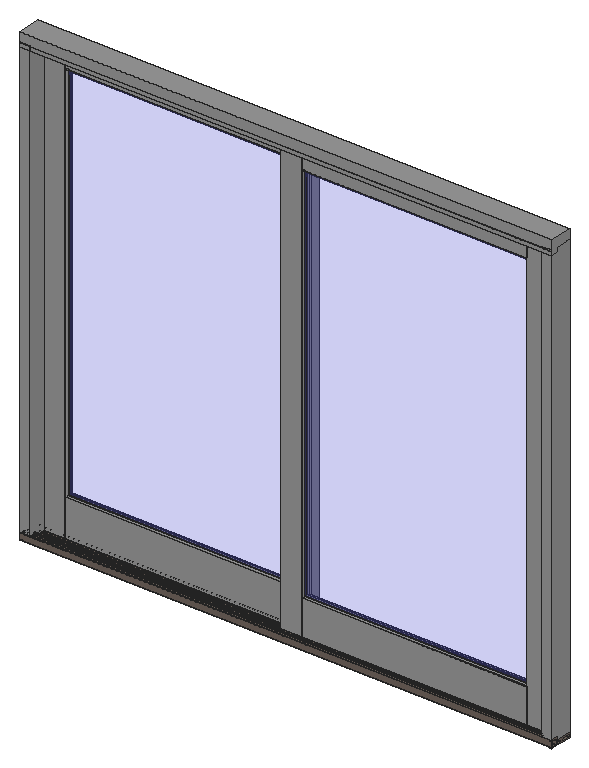
Revit family "VSDA2.4 LH", category Doors, host Wall, Revit 2015
Parameters (values of type "VSDA2.4 LH")
  Function = Interior
  Frame Projection Ext. = 25 mm
  Frame Projection Int. = 25 mm
  Frame Width = 75 mm
  Height = 2100 mm
  Wall Closure = By host
  Width = 2450 mm
Reference planes
  plane 1: y = 0
  plane 2 "Center (Left/Right)": x = 0
  plane 3 "Left": x = -1225
  plane 4 "Right": x = 1225
  plane 5: z = 2100
  plane 6 "Exterior": y = 75
  plane 7 "Interior": y = -75
Forms (mm)
  Extrusion 1, solid, material "Aluminium Cill (Bronze)"
    sketch origin (0, 79.18, -119.746) x (0, 1, 0) y (0, 0, -1)
      loop
        arc (-26.68, -120.746) -> (-26.972, -120.039) -> (-27.68, -119.746) r 1
        line (-27.68, -119.746) -> (-130.68, -119.746)
        arc (-130.68, -119.746) -> (-131.387, -120.039) -> (-131.68, -120.746) r 1
        line (-131.68, -120.746) -> (-131.68, -150.746)
        arc (-131.68, -150.746) -> (-131.387, -151.453) -> (-130.68, -151.746) r 1
        line (-130.68, -151.746) -> (-120.912, -151.746)
        arc (-120.912, -151.746) -> (-119.18, -150.746) -> (-117.447, -151.746) r 2
        line (-117.447, -151.746) -> (-112.912, -151.746)
        arc (-112.912, -151.746) -> (-111.18, -150.746) -> (-109.447, -151.746) r 2
        line (-109.447, -151.746) -> (-99.68, -151.746)
        arc (-99.68, -151.746) -> (-98.972, -151.453) -> (-98.68, -150.746) r 1
        line (-98.68, -150.746) -> (-98.68, -149.246)
        arc (-98.68, -149.246) -> (-99.18, -148.746) -> (-99.68, -149.246) r 0.5
        line (-99.68, -149.246) -> (-99.68, -150.246) -> (-100.88, -150.246) -> (-100.88, -142.734) -> (-99.68, -142.734) -> (-99.68, -143.746)
        arc (-99.68, -143.746) -> (-99.18, -144.246) -> (-98.68, -143.746) r 0.5
        line (-98.68, -143.746) -> (-98.68, -138.746) -> (-90.432, -138.746) -> (-82.18, -138.746) -> (-82.18, -135.246)
        arc (-82.18, -135.246) -> (-81.74, -134.185) -> (-80.68, -133.746) r 1.5
        line (-80.68, -133.746) -> (-75.93, -133.746) -> (-75.93, -135.746) -> (-77.363, -135.746)
        arc (-77.363, -135.746) -> (-74.68, -138.746) -> (-71.996, -135.746) r 2.7
        line (-71.996, -135.746) -> (-73.43, -135.746) -> (-73.43, -133.746) -> (-68.68, -133.746)
        arc (-68.68, -133.746) -> (-67.619, -134.185) -> (-67.18, -135.246) r 1.5
        line (-67.18, -135.246) -> (-67.18, -138.746) -> (-60.412, -138.746)
        arc (-60.412, -138.746) -> (-58.68, -137.746) -> (-56.947, -138.746) r 2
        line (-56.947, -138.746) -> (-52.412, -138.746)
        arc (-52.412, -138.746) -> (-50.68, -137.746) -> (-48.947, -138.746) r 2
        line (-48.947, -138.746) -> (-44.412, -138.746)
        arc (-44.412, -138.746) -> (-42.68, -137.746) -> (-40.947, -138.746) r 2
        line (-40.947, -138.746) -> (-29.68, -138.746)
        arc (-29.68, -138.746) -> (-27.558, -137.867) -> (-26.68, -135.746) r 3
        line (-26.68, -135.746) -> (-26.68, -120.746)
      loop
        arc (-29.68, -137.246) -> (-28.619, -136.807) -> (-28.18, -135.746) r 1.5
        line (-28.18, -135.746) -> (-28.18, -121.246) -> (-73.93, -121.246) -> (-73.93, -132.246) -> (-68.68, -132.246)
        arc (-68.68, -132.246) -> (-66.558, -133.125) -> (-65.68, -135.246) r 3
        line (-65.68, -135.246) -> (-65.68, -137.246) -> (-61.129, -137.246)
        arc (-61.129, -137.246) -> (-58.68, -136.246) -> (-56.23, -137.246) r 3.5
        line (-56.23, -137.246) -> (-53.129, -137.246)
        arc (-53.129, -137.246) -> (-50.68, -136.246) -> (-48.23, -137.246) r 3.5
        line (-48.23, -137.246) -> (-45.129, -137.246)
        arc (-45.129, -137.246) -> (-42.68, -136.246) -> (-40.23, -137.246) r 3.5
        line (-40.23, -137.246) -> (-29.68, -137.246)
      loop
        line (-75.43, -132.246) -> (-75.43, -121.246) -> (-98.68, -121.246) -> (-98.68, -137.246) -> (-83.68, -137.246) -> (-83.68, -135.246)
        arc (-83.68, -135.246) -> (-82.801, -133.125) -> (-80.68, -132.246) r 3
        line (-80.68, -132.246) -> (-75.43, -132.246)
      loop
        line (-100.18, -121.246) -> (-130.18, -121.246) -> (-130.18, -150.246) -> (-121.629, -150.246)
        arc (-121.629, -150.246) -> (-119.18, -149.246) -> (-116.73, -150.246) r 3.5
        line (-116.73, -150.246) -> (-113.629, -150.246)
        arc (-113.629, -150.246) -> (-111.18, -149.246) -> (-108.73, -150.246) r 3.5
        line (-108.73, -150.246) -> (-102.38, -150.246) -> (-102.38, -141.246) -> (-100.18, -141.246) -> (-100.18, -121.246)
    from -1225 to 1225
  Extrusion 2, solid, material "Lauan, Meranti"
    sketch origin (0, 0, 0) x (0, 1, 0) y (0, 0, -1)
      loop
        line (52.5, -2100) -> (52.5, -2057) -> (32.5, -2057) -> (32.5, -2055) -> (-20.5, -2055) -> (-20.5, -2041.5) -> (-27.5, -2041.5) -> (-27.5, -2038.5) -> (-20.5, -2038.5) -> (-20.5, -2035) -> (-52.5, -2035) -> (-52.5, -2052) -> (-49.5, -2052) -> (-49.5, -2055) -> (-52.5, -2055) -> (-52.5, -2100) -> (52.5, -2100)
    from -1225 to 1225
  Extrusion 3, solid, material "Lauan, Meranti"
    sketch origin (0, 0, 0) x (-1, 0, 0) y (0, -1, 0)
      loop
        line (-1225, -52.5) -> (-1182, -52.5) -> (-1182, -32.5) -> (-1180, -32.5) -> (-1180, 52.5) -> (-1225, 52.5) -> (-1225, -52.5)
      loop
        line (1225, -52.5) -> (1225, 52.5) -> (1180, 52.5) -> (1180, -32.5) -> (1182, -32.5) -> (1182, -52.5) -> (1225, -52.5)
    from 32 to 2057
  Extrusion 4, solid, material "Lauan, Meranti"
    sketch origin (0, 0, 0) x (-1, 0, 0) y (0, -1, 0)
      loop
        line (-1160, -32.5) -> (-1163.5, -32.5) -> (-1163.5, -39.5) -> (-1166.5, -39.5) -> (-1166.5, -32.5) -> (-1182, -32.5) -> (-1182, -49.5) -> (-1179, -49.5) -> (-1179, -52.5) -> (-1160, -52.5) -> (-1160, -32.5)
    from 2035 to 19
  Extrusion 5, solid, material "Lauan, Meranti"
    sketch origin (0, 0, 0) x (-1, 0, 0) y (0, -1, 0)
      loop
        line (-1225, -52.5) -> (-1182, -52.5) -> (-1182, -32.5) -> (-1180, -32.5) -> (-1180, 19.5) -> (-1225, 19.5) -> (-1225, -52.5)
      loop
        line (1225, -52.5) -> (1225, 19.5) -> (1180, 19.5) -> (1180, -32.5) -> (1182, -32.5) -> (1182, -52.5) -> (1225, -52.5)
    from 19 to 32
  Extrusion 6, solid, material "Lauan, Meranti"
    sketch origin (-280, 0, 0) x (0, 1, 0) y (0, 0, -1)
      loop
        line (52.5, -2054) -> (52.5, -2035) -> (32.5, -2035) -> (32.5, -2038.5) -> (39.5, -2038.5) -> (39.5, -2041.5) -> (32.5, -2041.5) -> (32.5, -2057) -> (49.5, -2057) -> (49.5, -2054) -> (52.5, -2054)
    from -1462 to -332.5
  Extrusion 7, solid, material "Lauan, Meranti"
    sketch origin (0, 148.121, 19) x (-1, 0, 0) y (0, -1, 0)
      loop
        line (-43.5, 163.621) -> (-43.5, 161.621)
        arc (-43.5, 161.621) -> (-48.235, 160.061) -> (-50.5, 155.621) r 6.549
        line (-50.5, 155.621) -> (-52.5, 155.621) -> (-52.5, 153.621) -> (-43.5, 153.621) -> (-43.5, 123.621) -> (52.5, 123.621) -> (52.5, 163.621) -> (-43.5, 163.621)
      loop
        line (43.5, 117.121) -> (-52.5, 117.121) -> (-52.5, 77.121) -> (43.5, 77.121) -> (43.5, 107.121) -> (52.5, 107.121) -> (52.5, 109.121) -> (50.5, 109.121)
        arc (50.5, 109.121) -> (48.235, 113.561) -> (43.5, 115.121) r 6.549
        line (43.5, 115.121) -> (43.5, 117.121)
      loop
        line (-1084, 163.621) -> (-1180, 163.621) -> (-1180, 123.621) -> (-1084, 123.621) -> (-1084, 153.621) -> (-1075, 153.621) -> (-1075, 155.621) -> (-1077, 155.621)
        arc (-1077, 155.621) -> (-1079.265, 160.061) -> (-1084, 161.621) r 6.549
        line (-1084, 161.621) -> (-1084, 163.621)
      loop
        line (1084, 117.121) -> (1084, 115.121)
        arc (1084, 115.121) -> (1079.265, 113.561) -> (1077, 109.121) r 6.549
        line (1077, 109.121) -> (1075, 109.121) -> (1075, 107.121) -> (1084, 107.121) -> (1084, 77.121) -> (1180, 77.121) -> (1180, 117.121) -> (1084, 117.121)
    from 0 to 2036
  Extrusion 8, solid, material "Lauan, Meranti"
    sketch origin (0, 0, 0) x (0, 1, 0) y (0, 0, -1)
      loop
        line (-15.5, -190) -> (-13.5, -190)
        arc (-13.5, -190) -> (-11.866, -194.67) -> (-7.5, -197) r 6.807
        line (-7.5, -197) -> (-7.5, -199) -> (-5.5, -199) -> (-5.5, -190) -> (24.5, -190) -> (24.5, -19) -> (-15.5, -19) -> (-15.5, -190)
      loop
        arc (-7.5, -1952) -> (-11.866, -1954.33) -> (-13.5, -1959) r 6.807
        line (-13.5, -1959) -> (-15.5, -1959) -> (-15.5, -2055) -> (24.5, -2055) -> (24.5, -1959) -> (-5.5, -1959) -> (-5.5, -1950) -> (-7.5, -1950) -> (-7.5, -1952)
    from -1084 to -43.5
  Extrusion 9, solid, material "Lauan, Meranti"
    sketch origin (-1020, 46.5, 0) x (0, 1, 0) y (0, 0, -1)
      loop
        line (-15.5, -190) -> (-13.5, -190)
        arc (-13.5, -190) -> (-11.866, -194.67) -> (-7.5, -197) r 6.807
        line (-7.5, -197) -> (-7.5, -199) -> (-5.5, -199) -> (-5.5, -190) -> (24.5, -190) -> (24.5, -19) -> (-15.5, -19) -> (-15.5, -190)
      loop
        arc (-7.5, -1952) -> (-11.866, -1954.33) -> (-13.5, -1959) r 6.807
        line (-13.5, -1959) -> (-15.5, -1959) -> (-15.5, -2055) -> (24.5, -2055) -> (24.5, -1959) -> (-5.5, -1959) -> (-5.5, -1950) -> (-7.5, -1950) -> (-7.5, -1952)
    from -976.5 to 64
  Sweep 10, solid, material "Lauan, Meranti"
    path origin (-255.605, -75, -781.763) x (-1, 0, 0) y (0, 0, -1)
      loop
        line (-212.105, -2740.763) -> (828.395, -2740.763) -> (828.395, -971.763) -> (-212.105, -971.763) -> (-212.105, -2740.763)
    profile origin (-563.75, -75, 1959) x (0, 0, -1) y (0, -1, 0)
      loop
        line (9, -124.5) -> (0, -124.5) -> (0, -132.5)
        arc (0, -132.5) -> (4.67, -130.866) -> (7, -126.5) r 6.807
        line (7, -126.5) -> (9, -126.5) -> (9, -124.5)
  Extrusion 11, solid, material "Glass"
    sketch origin (-528.125, -64.05, -73.649) x (-1, 0, 0) y (0, 0, -1)
      loop
        line (-484.625, -2032.649) -> (555.875, -2032.649) -> (555.875, -263.649) -> (-484.625, -263.649) -> (-484.625, -2032.649)
    from -112.5 to -106.1
  Sweep 12, solid, material "Lauan, Meranti"
    path origin (436.503, -75, -980.222) x (-1, 0, 0) y (0, 0, -1)
      loop
        line (-647.497, -2939.222) -> (393.003, -2939.222) -> (393.003, -1170.222) -> (-647.497, -1170.222) -> (-647.497, -2939.222)
    profile origin (563.75, -75, 1959) x (0, 0, -1) y (0, -1, 0)
      loop
        line (9, -78) -> (0, -78) -> (0, -86)
        arc (0, -86) -> (4.67, -84.366) -> (7, -80) r 6.807
        line (7, -80) -> (9, -80) -> (9, -78)
  Extrusion 13, solid, material "Glass"
    sketch origin (77.007, -110.55, 134.714) x (-1, 0, 0) y (0, 0, -1)
      loop
        line (-1006.993, -1824.286) -> (33.507, -1824.286) -> (33.507, -55.286) -> (-1006.993, -55.286) -> (-1006.993, -1824.286)
    from -112.5 to -106.1
Cuts and joins
  joined: Extrusion 3, Extrusion 5
Lines and regions (mm)
  Opening 1
    outline origin (-5000, 75, 0) x (-1, 0, 0) y (0, 0, 1)
      loop
        line (-6225, 0) -> (-3775, 0) -> (-3775, 2100) -> (-6225, 2100) -> (-6225, 0)
  model lines
    curve 1: line (869.078, 99.5, 1050) -> (529.078, 99.5, 1050)
    curve 2: line (390, 99.5, 1050) -> (529.078, 99.5, 1106.191)
    curve 3: line (529.078, 99.5, 1106.191) -> (529.078, 99.5, 993.809)
    curve 4: line (390, 99.5, 1050) -> (529.078, 99.5, 993.809)
Text (mm)
  text "Exterior" at (-2295.016, 1099.543, 0), in view "Ref. Level"
  text "Exterior" at (0, 1615.38, 3698.081), in view "Left"
  text "Exterior" at (0, 1036.032, 3874.932), in view "Right"
Dimensions and locks
  equal spacing: plane 3 "Left", plane 2 "Center (Left/Right)", plane 4 "Right"
  "Width": plane 3 "Left" to plane 4 "Right"
  "Height": plane 5 to host wall
  host wall to plane 5 = 2100 mm  (x2)
  locked: plane 6 "Exterior" to host wall at 0
  locked: plane 7 "Interior" to host wall
  plane 3 "Left" to plane 4 "Right" = 2450 mm
  aligned and locked: plane 1 to host wall
  aligned and locked: Opening 1 sketch curve to level
  aligned and locked: Extrusion 1 to Extrusion 5
  aligned and locked: Extrusion 5 to Extrusion 1
  aligned and locked: Extrusion 1 to Extrusion 4
  aligned and locked: Extrusion 1 to Extrusion 3
  aligned and locked: Extrusion 2 to Extrusion 3
  aligned and locked: Extrusion 2 to Extrusion 4
  aligned and locked: Extrusion 7 to Extrusion 8
  aligned and locked: Extrusion 7 to Extrusion 9
  aligned and locked: Sweep 10 sketch curve to Extrusion 9  (x2)
  aligned and locked: Extrusion 7 to Sweep 10 sketch curve
  aligned and locked: Extrusion 11 to Extrusion 7
  aligned and locked: Extrusion 11 to Extrusion 8
  aligned and locked: Extrusion 8 to Extrusion 11
  aligned and locked: Sweep 12 sketch curve to Extrusion 8  (x2)
  aligned and locked: Extrusion 7 to Sweep 12 sketch curve
Automatic sketch dimensions
  plane 2 "Center (Left/Right)" to curve 2 = 390 mm
  curve 2 to curve 2 = 139.078 mm
  level to curve 4 = 993.809 mm
  curve 3 to curve 2 = 56.191 mm
  curve 3 to curve 3 = 112.382 mm
  curve 1 to curve 1 = 340 mm
  curve 1 to curve 2 = 56.191 mm
  plane 4 "Right" to Opening 1 sketch curve = 0 mm
  plane 3 "Left" to Opening 1 sketch curve = 0 mm
  Opening 1 sketch curve to plane 5 = 0 mm
  Extrusion 1 sketch curve to level = 0 mm
  level to Extrusion 1 sketch curve = 1 mm
  Extrusion 1 sketch curve to host wall = 22.5 mm
  Extrusion 1 sketch curve to Extrusion 1 sketch curve = 1 mm  (x7)
  Extrusion 1 sketch curve to Extrusion 1 sketch curve = 0.5 mm  (x8)
  Extrusion 1 sketch curve to Extrusion 1 sketch curve = 8.551 mm
  Extrusion 1 sketch curve to Extrusion 1 sketch curve = 0.717 mm  (x10)
  Extrusion 1 sketch curve to Extrusion 1 sketch curve = 1.732 mm  (x10)
  Extrusion 1 sketch curve to Extrusion 1 sketch curve = 0 mm  (x24)
  Extrusion 1 sketch curve to Extrusion 1 sketch curve = 3.101 mm  (x3)
  Extrusion 1 sketch curve to Extrusion 1 sketch curve = 6.351 mm
  Extrusion 1 sketch curve to Extrusion 1 sketch curve = 1.5 mm  (x15)
  Extrusion 1 sketch curve to Extrusion 1 sketch curve = 0.7 mm
  level to Extrusion 1 sketch curve = 1.5 mm  (x3)
  Extrusion 1 sketch curve to Extrusion 1 sketch curve = 1.2 mm  (x2)
  Extrusion 1 sketch curve to Extrusion 1 sketch curve = 8.248 mm
  host wall to Extrusion 1 sketch curve = 4.5 mm
  host wall to Extrusion 1 sketch curve = 1.5 mm  (x2)
  Extrusion 1 sketch curve to host wall = 1.817 mm
  Extrusion 1 sketch curve to Extrusion 1 sketch curve = 1.433 mm  (x3)
  Extrusion 1 sketch curve to host wall = 3.75 mm
  Extrusion 1 sketch curve to Extrusion 1 sketch curve = 1.25 mm  (x2)
  Extrusion 1 sketch curve to Extrusion 1 sketch curve = 3.317 mm
  Extrusion 1 sketch curve to Extrusion 1 sketch curve = 4.551 mm
  Extrusion 1 sketch curve to Extrusion 1 sketch curve = 10.551 mm
  Extrusion 1 sketch curve to Extrusion 1 sketch curve = 11 mm
  Extrusion 1 sketch curve to Extrusion 1 sketch curve = 14.5 mm
  Extrusion 1 sketch curve to Extrusion 1 sketch curve = 2 mm  (x5)
  Extrusion 1 sketch curve to Extrusion 1 sketch curve = 0.3 mm
  Extrusion 1 sketch curve to Extrusion 1 sketch curve = 2.5 mm
  Extrusion 1 sketch curve to Extrusion 1 sketch curve = 1.488 mm
  Extrusion 1 sketch curve to Extrusion 1 sketch curve = 1.012 mm
  Extrusion 1 sketch curve to Extrusion 1 sketch curve = 5.5 mm
  Extrusion 1 sketch curve to Extrusion 1 sketch curve = 9 mm
  plane 5 to Extrusion 2 sketch curve = 0 mm
  Extrusion 2 sketch curve to host wall = 22.5 mm
  Extrusion 2 sketch curve to Extrusion 2 sketch curve = 0 mm
  Extrusion 2 sketch curve to Extrusion 2 sketch curve = 3 mm  (x3)
  Extrusion 2 sketch curve to Extrusion 2 sketch curve = 22 mm
  Extrusion 2 sketch curve to Extrusion 2 sketch curve = 7 mm  (x2)
  Extrusion 2 sketch curve to host wall = 32.5 mm
  Extrusion 2 sketch curve to Extrusion 2 sketch curve = 20 mm
  plane 5 to Extrusion 2 sketch curve = 43 mm
  plane 5 to Extrusion 2 sketch curve = 45 mm
  Extrusion 2 sketch curve to Extrusion 2 sketch curve = 2 mm
  Extrusion 2 sketch curve to Extrusion 2 sketch curve = 13.5 mm
  Extrusion 2 sketch curve to Extrusion 2 sketch curve = 3.5 mm
  Extrusion 3 sketch curve to plane 4 "Right" = 0 mm
  Extrusion 3 sketch curve to plane 3 "Left" = 0 mm
  Extrusion 3 sketch curve to plane 4 "Right" = 43 mm
  host wall to Extrusion 3 sketch curve = 22.5 mm  (x3)
  Extrusion 3 sketch curve to Extrusion 3 sketch curve = 45 mm  (x2)
  Extrusion 3 sketch curve to Extrusion 3 sketch curve = 2 mm
  host wall to Extrusion 3 sketch curve = 32.5 mm  (x2)
  Extrusion 3 sketch curve to Extrusion 3 sketch curve = 20 mm
  Extrusion 4 sketch curve to plane 4 "Right" = 43 mm
  Extrusion 4 sketch curve to Extrusion 4 sketch curve = 3 mm  (x2)
  Extrusion 4 sketch curve to Extrusion 4 sketch curve = 15.5 mm
  Extrusion 4 sketch curve to Extrusion 4 sketch curve = 3.5 mm
  host wall to Extrusion 4 sketch curve = 32.5 mm
  Extrusion 4 sketch curve to Extrusion 4 sketch curve = 0 mm
  Extrusion 4 sketch curve to Extrusion 4 sketch curve = 7 mm
  Extrusion 4 sketch curve to Extrusion 4 sketch curve = 17 mm
  Extrusion 4 sketch curve to Extrusion 4 sketch curve = 13 mm
  Extrusion 5 sketch curve to plane 4 "Right" = 0 mm
  Extrusion 5 sketch curve to plane 3 "Left" = 0 mm
  Extrusion 5 sketch curve to Extrusion 5 sketch curve = 43 mm
  Extrusion 5 sketch curve to host wall = 19.5 mm  (x2)
  Extrusion 5 sketch curve to Extrusion 5 sketch curve = 45 mm
  plane 3 "Left" to Extrusion 5 sketch curve = 45 mm
  Extrusion 5 sketch curve to Extrusion 5 sketch curve = 2 mm
  host wall to Extrusion 5 sketch curve = 32.5 mm  (x2)
  Extrusion 5 sketch curve to Extrusion 5 sketch curve = 20 mm  (x2)
  Extrusion 6 sketch curve to host wall = 32.5 mm
  Extrusion 6 sketch curve to Extrusion 6 sketch curve = 0 mm
  Extrusion 6 sketch curve to Extrusion 6 sketch curve = 7 mm
  Extrusion 6 sketch curve to Extrusion 6 sketch curve = 17 mm
  Extrusion 6 sketch curve to Extrusion 6 sketch curve = 3 mm  (x3)
  plane 5 to Extrusion 6 sketch curve = 43 mm
  Extrusion 6 sketch curve to Extrusion 6 sketch curve = 15.5 mm
  Extrusion 6 sketch curve to Extrusion 6 sketch curve = 3.5 mm
  plane 4 "Right" to Extrusion 7 sketch curve = 45 mm
  host wall to Extrusion 7 sketch curve = 13.5 mm
  Extrusion 7 sketch curve to Extrusion 7 sketch curve = 96 mm
  Extrusion 7 sketch curve to Extrusion 7 sketch curve = 0 mm  (x3)
  Extrusion 7 sketch curve to Extrusion 7 sketch curve = 0.473 mm  (x6)
  Extrusion 7 sketch curve to Extrusion 7 sketch curve = 6.527 mm  (x4)
  Extrusion 7 sketch curve to Extrusion 7 sketch curve = 2 mm  (x8)
  host wall to Extrusion 7 sketch curve = 7.5 mm
  plane 2 "Center (Left/Right)" to Extrusion 7 sketch curve = 52.5 mm
  Extrusion 7 sketch curve to plane 2 "Center (Left/Right)" = 43.5 mm
  Extrusion 7 sketch curve to host wall = 4 mm  (x2)
  Extrusion 7 sketch curve to Extrusion 7 sketch curve = 9 mm
  Extrusion 7 sketch curve to host wall = 36 mm
  Extrusion 7 sketch curve to plane 3 "Left" = 150 mm
  Extrusion 7 sketch curve to plane 3 "Left" = 45 mm
  Extrusion 7 sketch curve to Extrusion 7 sketch curve = 30 mm
  Extrusion 7 sketch curve to Extrusion 7 sketch curve = 1.468 mm  (x4)
  Extrusion 7 sketch curve to host wall = 31 mm
  Extrusion 7 sketch curve to Extrusion 7 sketch curve = 6.5 mm
  Extrusion 7 sketch curve to host wall = 24.5 mm
  host wall to Extrusion 7 sketch curve = 5.5 mm
  host wall to Extrusion 7 sketch curve = 15.5 mm  (x2)
  host wall to Extrusion 8 sketch curve = 15.5 mm  (x2)
  Extrusion 8 sketch curve to Extrusion 8 sketch curve = 2 mm  (x6)
  host wall to Extrusion 8 sketch curve = 7.5 mm  (x2)
  host wall to Extrusion 8 sketch curve = 6.697 mm  (x2)
  Extrusion 8 sketch curve to host wall = 24.5 mm  (x2)
  plane 5 to Extrusion 8 sketch curve = 45 mm
  Extrusion 8 sketch curve to Extrusion 8 sketch curve = 96 mm
  Extrusion 8 sketch curve to Extrusion 8 sketch curve = 0 mm
  Extrusion 8 sketch curve to Extrusion 8 sketch curve = 0.241 mm  (x2)
  level to Extrusion 8 sketch curve = 199 mm
  Extrusion 8 sketch curve to Extrusion 8 sketch curve = 6.759 mm
  level to Extrusion 8 sketch curve = 19 mm
  Extrusion 9 sketch curve to host wall = 31 mm  (x2)
  Extrusion 9 sketch curve to Extrusion 9 sketch curve = 2 mm  (x6)
  Extrusion 9 sketch curve to Extrusion 9 sketch curve = 6 mm  (x2)
  Extrusion 9 sketch curve to Extrusion 9 sketch curve = 0.803 mm
  Extrusion 9 sketch curve to Extrusion 9 sketch curve = 6.803 mm
  Extrusion 9 sketch curve to host wall = 4 mm  (x2)
  plane 5 to Extrusion 9 sketch curve = 45 mm
  Extrusion 9 sketch curve to Extrusion 9 sketch curve = 96 mm
  Extrusion 9 sketch curve to Extrusion 9 sketch curve = 0 mm
  Extrusion 9 sketch curve to Extrusion 9 sketch curve = 0.241 mm  (x2)
  level to Extrusion 9 sketch curve = 199 mm
  Extrusion 9 sketch curve to Extrusion 9 sketch curve = 6.759 mm
  level to Extrusion 9 sketch curve = 19 mm
  Sweep 10 sketch curve to plane 3 "Left" = 141 mm
  Sweep 10 sketch curve to profile plane = 0 mm
  Sweep 10 sketch curve to profile plane = 0.241 mm
  Sweep 10 sketch curve to Sweep 10 sketch curve = 6.759 mm
  Sweep 10 sketch curve to Sweep 10 sketch curve = 2 mm  (x2)
  Sweep 10 sketch curve to profile plane = 132.5 mm
  Sweep 10 sketch curve to Sweep 10 sketch curve = 6 mm
  Extrusion 11 sketch curve to plane 2 "Center (Left/Right)" = 43.5 mm
  Extrusion 11 sketch curve to plane 3 "Left" = 141 mm
  plane 5 to Extrusion 11 sketch curve = 141 mm
  level to Extrusion 11 sketch curve = 190 mm
  plane 4 "Right" to Sweep 12 sketch curve = 141 mm
  Sweep 12 sketch curve to profile plane = 0 mm
  Sweep 12 sketch curve to profile plane = 0.241 mm
  Sweep 12 sketch curve to Sweep 12 sketch curve = 6.759 mm
  Sweep 12 sketch curve to Sweep 12 sketch curve = 2 mm  (x2)
  Sweep 12 sketch curve to profile plane = 86 mm
  Sweep 12 sketch curve to Sweep 12 sketch curve = 6 mm
  plane 4 "Right" to Extrusion 13 sketch curve = 141 mm
  plane 2 "Center (Left/Right)" to Extrusion 13 sketch curve = 43.5 mm
  plane 5 to Extrusion 13 sketch curve = 141 mm
  level to Extrusion 13 sketch curve = 190 mm
